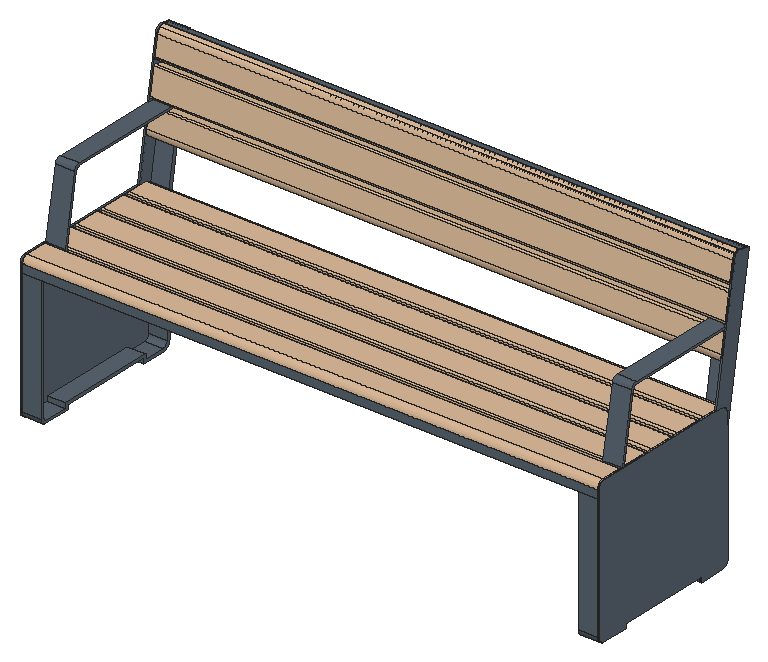
Revit family "product code 61105-S-L", category Meble, Revit 2021
Family settings
  Numer OmniClass = 23.40.20.00
  Tytuł OmniClass = General Furniture and Specialties
  Oparty na płaszczyźnie roboczej = Nie
  Zawsze pionowo = Tak
  Tnij formami wycięć po wczytaniu = Nie
  Współdzielony = Nie
  Punkt obliczania pomieszczeń = Nie
Parameters (values of type "61105-S-L")
  wood = Kobenhagen Wood - Larch
  metal = Kobenhagen RAL 5011
  Width = "58 cm"
  Weight = "70 kg"
  URL = "https://kobenhagen.com/en_US/p/Indre-By-4-person-Bench-wArmrest/205"
  Seat height = "45 cm"
  Product line = "Indre By"
  Product Groups = "Benches"
  Producent = "Lars Laj"
  Keynote = ""
  Opis = "Indre By 4-person Bench w/Armrest"
  Model = "61105-S-L"
  Material = "Larch, stainless steel, powder coated steel"
  Maintenance = "We recommend to examine and tighten all screws and bolt clamps after a few weeks’ use. In order to prevent cracks and to extend the life of the wood, it is recommended that the wood details should be oiled every 3-5 years."
  Lenght = "180 cm"
  Type Comments = ""
  Kobenhagen Materials = "larslaj.com/bim"
  Hosted on larslaj.com = "https://larslaj.com/bim"
  Height = "86 cm"
  Domyślna rzędna = 0 mm
  Copyright = "All designs and drawings are the intellectual property of Lars Laj A/S and are protected by Danish and international copyright laws."
Reference planes
  plane 1 "front": y = 0
  plane 2: z = 0
  plane 3 "Środek (Lewa/Prawa)": x = 0
  plane 4 "left": x = -895
  plane 5 "right": x = 895
  plane 6 "back": y = 575.242
  plane 7: x = -835
  plane 8: x = 835
  plane 9: x = -280.833
  plane 10: x = 285.833
  plane 11: z = 405.568
Forms (mm)
  Extrusion 1, solid, material "Kobenhagen Wood - Larch" <- "wood"
    sketch origin (0, -0.031, 21.46) x (0, 1, 0) y (0, 0, 1)
      loop
        arc (260.118, 430.04) -> (256.583, 428.576) -> (255.118, 425.04) r 5
        line (255.118, 425.04) -> (255.118, 388.972)
        arc (255.118, 388.972) -> (255.693, 387.586) -> (257.078, 387.012) r 1.96
        line (257.078, 387.012) -> (342.493, 387.012)
        arc (342.493, 387.012) -> (343.908, 387.598) -> (344.493, 389.012) r 2
        line (344.493, 389.012) -> (344.493, 425.04)
        arc (344.493, 425.04) -> (343.029, 428.576) -> (339.493, 430.04) r 5
        line (339.493, 430.04) -> (260.118, 430.04)
    from -895 to 895
  Extrusion 2, solid, material "Kobenhagen Wood - Larch" <- "wood"
    sketch origin (0, -102.48, 21.46) x (0, 1, 0) y (0, 0, 1)
      loop
        arc (260.118, 430.04) -> (256.583, 428.576) -> (255.118, 425.04) r 5
        line (255.118, 425.04) -> (255.118, 388.972)
        arc (255.118, 388.972) -> (255.693, 387.586) -> (257.078, 387.012) r 1.96
        line (257.078, 387.012) -> (342.493, 387.012)
        arc (342.493, 387.012) -> (343.908, 387.598) -> (344.493, 389.012) r 2
        line (344.493, 389.012) -> (344.493, 425.04)
        arc (344.493, 425.04) -> (343.029, 428.576) -> (339.493, 430.04) r 5
        line (339.493, 430.04) -> (260.118, 430.04)
    from -895 to 895
  Extrusion 3, solid, material "Kobenhagen Wood - Larch" <- "wood"
    sketch origin (0, 102.52, 23.25) x (0, 1, 0) y (0, 0, 1)
      loop
        arc (260.118, 428.25) -> (256.583, 426.786) -> (255.118, 423.25) r 5
        line (255.118, 423.25) -> (255.118, 387.182)
        arc (255.118, 387.182) -> (255.693, 385.796) -> (257.078, 385.222) r 1.96
        line (257.078, 385.222) -> (342.493, 385.222)
        arc (342.493, 385.222) -> (343.908, 385.808) -> (344.493, 387.222) r 2
        line (344.493, 387.222) -> (344.493, 423.25)
        arc (344.493, 423.25) -> (343.029, 426.786) -> (339.493, 428.25) r 5
        line (339.493, 428.25) -> (260.118, 428.25)
    from -895 to 895
  Extrusion 4, solid, material "Kobenhagen Wood - Larch" <- "wood"
    sketch origin (0, 943.724, 450.045) x (0, 0.173648, 0.984808) y (0, -0.984808, 0.173648)
      loop
        arc (260.118, 430.036) -> (256.583, 428.571) -> (255.118, 425.036) r 5
        line (255.118, 425.036) -> (255.118, 389.305)
        arc (255.118, 389.305) -> (255.693, 387.919) -> (257.078, 387.345) r 1.96
        line (257.078, 387.345) -> (341.456, 387.345) -> (341.809, 407.532) -> (343.944, 407.532)
        arc (343.944, 407.532) -> (337.53, 423.428) -> (321.714, 430.036) r 22.231
        line (321.714, 430.036) -> (260.118, 430.036)
    from -895 to 895
  Extrusion 5, solid, material "Kobenhagen Wood - Larch" <- "wood"
    sketch origin (0, 925.653, 348.398) x (0, 0.173648, 0.984808) y (0, -0.984808, 0.173648)
      loop
        arc (260.118, 429.703) -> (256.583, 428.239) -> (255.118, 424.703) r 5
        line (255.118, 424.703) -> (255.118, 388.972)
        arc (255.118, 388.972) -> (255.693, 387.586) -> (257.078, 387.012) r 1.96
        line (257.078, 387.012) -> (342.493, 387.012)
        arc (342.493, 387.012) -> (343.908, 387.598) -> (344.493, 389.012) r 2
        line (344.493, 389.012) -> (344.493, 424.703)
        arc (344.493, 424.703) -> (343.029, 428.239) -> (339.493, 429.703) r 5
        line (339.493, 429.703) -> (260.118, 429.703)
    from -895 to 895
  Extrusion 6, solid, material "Kobenhagen RAL 5011" <- "metal", not visible
    sketch origin (0, 0, 0) x (0, 1, 0) y (0, 0, 1)
      loop
        arc (71.187, 451.5) -> (57.045, 445.642) -> (51.187, 431.5) r 20
        line (51.187, 431.5) -> (51.187, 18.231)
        arc (51.187, 18.231) -> (56.527, 5.34) -> (69.418, 0) r 18.231
        line (69.418, 0) -> (153.638, 0) -> (153.638, 15) -> (448.638, 15) -> (448.638, 0) -> (527.023, 0)
        arc (527.023, 0) -> (542.307, 6.331) -> (548.638, 21.615) r 21.615
        line (548.638, 21.615) -> (548.638, 429.407)
        arc (548.638, 429.407) -> (542.168, 445.029) -> (526.545, 451.5) r 22.093
        line (526.545, 451.5) -> (71.187, 451.5)
    from 750.378 to 745
  Extrusion 7, solid, material "Kobenhagen RAL 5011" <- "metal", not visible
    sketch origin (0, 0, 0) x (0, 1, 0) y (0, 0, 1)
      loop
        line (548.638, 396.844) -> (629.375, 854.725) -> (601.836, 859.581)
        arc (601.836, 859.581) -> (585.224, 855.898) -> (576.082, 841.547) r 22.232
        line (576.082, 841.547) -> (507.306, 451.5) -> (526.545, 451.5)
        arc (526.545, 451.5) -> (542.168, 445.029) -> (548.638, 429.407) r 22.093
        line (548.638, 429.407) -> (548.638, 396.844)
    from 745 to 750.378
  Extrusion 8, solid, material "Kobenhagen RAL 5011" <- "metal"
    sketch origin (-150, 0, 0) x (0, -1, 0) y (0, 0, 1)
      loop
        line (-71.187, 451.5) -> (-526.545, 451.5)
        arc (-526.545, 451.5) -> (-542.168, 445.029) -> (-548.638, 429.407) r 22.093
        line (-548.638, 429.407) -> (-548.638, 21.615)
        arc (-548.638, 21.615) -> (-542.307, 6.331) -> (-527.023, 0) r 21.615
        line (-527.023, 0) -> (-448.638, 0) -> (-448.638, 15) -> (-153.638, 15) -> (-153.638, 0) -> (-69.418, 0)
        arc (-69.418, 0) -> (-56.527, 5.34) -> (-51.187, 18.231) r 18.231
        line (-51.187, 18.231) -> (-51.187, 431.5)
        arc (-51.187, 431.5) -> (-57.045, 445.642) -> (-71.187, 451.5) r 20
    from 750.378 to 745
  Extrusion 9, solid, material "Kobenhagen RAL 5011" <- "metal"
    sketch origin (-150, 0, 0) x (0, -1, 0) y (0, 0, 1)
      loop
        line (-548.638, 396.844) -> (-548.638, 429.407)
        arc (-548.638, 429.407) -> (-542.168, 445.029) -> (-526.545, 451.5) r 22.093
        line (-526.545, 451.5) -> (-507.306, 451.5) -> (-576.082, 841.547)
        arc (-576.082, 841.547) -> (-585.224, 855.898) -> (-601.836, 859.581) r 22.232
        line (-601.836, 859.581) -> (-629.375, 854.725) -> (-548.638, 396.844)
    from 745 to 750.378
  Extrusion 10, solid, material "Kobenhagen RAL 5011" <- "metal"
    sketch origin (0, 0, 0) x (0, 1, 0) y (0, 0, 1)
      loop
        line (548.638, 396.844) -> (629.375, 854.725) -> (621.989, 856.027) -> (543.073, 408.472) -> (51.187, 408.472) -> (51.187, 18.763)
        arc (51.187, 18.763) -> (56.683, 5.495) -> (69.95, 0) r 18.763
        line (69.95, 0) -> (153.638, 0) -> (153.638, 15) -> (448.638, 15) -> (448.638, 0) -> (525.342, 0)
        arc (525.342, 0) -> (541.815, 6.823) -> (548.638, 23.296) r 23.296
        line (548.638, 23.296) -> (548.638, 396.844)
      loop
        line (58.687, 400.262) -> (58.687, 18.763)
        arc (58.687, 18.763) -> (61.986, 10.799) -> (69.95, 7.5) r 11.263
        line (69.95, 7.5) -> (146.138, 7.5) -> (146.138, 22.5) -> (456.138, 22.5) -> (456.138, 7.5) -> (525.342, 7.5)
        arc (525.342, 7.5) -> (536.512, 12.127) -> (541.138, 23.296) r 15.796
        line (541.138, 23.296) -> (541.138, 400.262) -> (58.687, 400.262)
    from -895 to -835
  Extrusion 11, solid, material "Kobenhagen RAL 5011" <- "metal"
    sketch origin (0, 0, 0) x (0, 1, 0) y (0, 0, -1)
      loop
        line (548.638, -396.844) -> (548.638, -23.296)
        arc (548.638, -23.296) -> (541.815, -6.823) -> (525.342, 0) r 23.296
        line (525.342, 0) -> (448.638, 0) -> (448.638, -15) -> (153.638, -15) -> (153.638, 0) -> (69.95, 0)
        arc (69.95, 0) -> (56.683, -5.495) -> (51.187, -18.763) r 18.763
        line (51.187, -18.763) -> (51.187, -408.472) -> (543.073, -408.472) -> (621.989, -856.027) -> (629.375, -854.725) -> (548.638, -396.844)
      loop
        line (58.687, -400.262) -> (541.138, -400.262) -> (541.138, -23.296)
        arc (541.138, -23.296) -> (536.512, -12.127) -> (525.342, -7.5) r 15.796
        line (525.342, -7.5) -> (456.138, -7.5) -> (456.138, -22.5) -> (146.138, -22.5) -> (146.138, -7.5) -> (69.95, -7.5)
        arc (69.95, -7.5) -> (61.986, -10.799) -> (58.687, -18.763) r 11.263
        line (58.687, -18.763) -> (58.687, -400.262)
    from -895 to -835
  Extrusion 12, solid, material "Kobenhagen RAL 5011" <- "metal"
    sketch origin (0, 0, -4.153) x (0, 1, 0) y (0, 0, -1)
      loop
        line (576.581, -588.288) -> (574.307, -588.689) -> (618.839, -841.241) -> (621.113, -840.84) -> (576.581, -588.288)
      loop
        line (527.869, -412.623) -> (527.869, -409.721) -> (72.033, -409.721) -> (72.033, -412.623) -> (527.869, -412.623)
    from -255.616 to -315.616
  Extrusion 13, solid, material "Kobenhagen RAL 5011" <- "metal"
    sketch origin (150, 0, 0) x (0, 1, 0) y (0, 0, 1)
      loop
        arc (71.187, 451.5) -> (57.045, 445.642) -> (51.187, 431.5) r 20
        line (51.187, 431.5) -> (51.187, 18.231)
        arc (51.187, 18.231) -> (56.527, 5.34) -> (69.418, 0) r 18.231
        line (69.418, 0) -> (153.638, 0) -> (153.638, 15) -> (448.638, 15) -> (448.638, 0) -> (527.023, 0)
        arc (527.023, 0) -> (542.307, 6.331) -> (548.638, 21.615) r 21.615
        line (548.638, 21.615) -> (548.638, 429.407)
        arc (548.638, 429.407) -> (542.168, 445.029) -> (526.545, 451.5) r 22.093
        line (526.545, 451.5) -> (71.187, 451.5)
    from 750.378 to 745
  Extrusion 14, solid, material "Kobenhagen RAL 5011" <- "metal"
    sketch origin (150, 0, 0) x (0, 1, 0) y (0, 0, 1)
      loop
        line (548.638, 396.844) -> (629.375, 854.725) -> (601.836, 859.581)
        arc (601.836, 859.581) -> (585.224, 855.898) -> (576.082, 841.547) r 22.232
        line (576.082, 841.547) -> (507.306, 451.5) -> (526.545, 451.5)
        arc (526.545, 451.5) -> (542.168, 445.029) -> (548.638, 429.407) r 22.093
        line (548.638, 429.407) -> (548.638, 396.844)
    from 745 to 750.378
  Extrusion 15, solid, material "Kobenhagen RAL 5011" <- "metal"
    sketch origin (-600, 0, 0) x (0, 1, 0) y (0, 0, -1)
      loop
        line (201.286, -666.675) -> (591.375, -666.675) -> (590.359, -660.675) -> (201.286, -660.675)
        arc (201.286, -660.675) -> (192.655, -657.664) -> (187.77, -649.936) r 13.876
        line (187.77, -649.936) -> (151.888, -450) -> (151.796, -407) -> (145.796, -407) -> (145.796, -450) -> (181.888, -651.132)
        arc (181.888, -651.132) -> (188.672, -662.542) -> (201.286, -666.675) r 18.898
    from 235.625 to 295.625
  Extrusion 16, solid, material "Kobenhagen RAL 5011" <- "metal"
    sketch origin (600, 0, 0) x (0, 1, 0) y (0, 0, 1)
      loop
        arc (201.286, 666.675) -> (188.672, 662.542) -> (181.888, 651.132) r 18.898
        line (181.888, 651.132) -> (145.796, 450) -> (145.796, 407) -> (151.796, 407) -> (151.888, 450) -> (187.77, 649.936)
        arc (187.77, 649.936) -> (192.655, 657.664) -> (201.286, 660.675) r 13.876
        line (201.286, 660.675) -> (590.359, 660.675) -> (591.375, 666.675) -> (201.286, 666.675)
    from 235.625 to 295.625
  Extrusion 17, solid, material "Kobenhagen Wood - Larch" <- "wood"
    sketch origin (0, 944.488, 450.521) x (0, 0.173648, 0.984808) y (0, -0.984808, 0.173648)
      loop
        arc (260.118, 430.036) -> (256.583, 428.571) -> (255.118, 425.036) r 5
        line (255.118, 425.036) -> (255.118, 389.305)
        arc (255.118, 389.305) -> (255.693, 387.919) -> (257.078, 387.345) r 1.96
        line (257.078, 387.345) -> (340.844, 387.345) -> (341.15, 404.888) -> (343.753, 404.888)
        arc (343.753, 404.888) -> (338.433, 422.457) -> (321.714, 430.036) r 22.231
        line (321.714, 430.036) -> (260.118, 430.036)
    from -895 to 895
  Extrusion 18, solid, material "Kobenhagen RAL 5011" <- "metal"
    sketch origin (0, 0.765, 0.475) x (0, 1, 0) y (0, 0, 1)
      loop
        line (624.002, 855.496) -> (601.449, 859.653) -> (600.947, 856.808) -> (620.801, 853.149) -> (617.879, 836.578) -> (620.428, 836.108) -> (624.002, 855.496)
    from -895 to 895
  Extrusion 19, solid, material "Kobenhagen Wood - Larch" <- "wood"
    sketch origin (0, 1012.231, 836.612) x (0, -0.173648, -0.984808) y (0, 0.984808, -0.173648)
      loop
        line (260.118, -430.036) -> (321.714, -430.036)
        arc (321.714, -430.036) -> (338.433, -422.457) -> (343.753, -404.888) r 22.231
        line (343.753, -404.888) -> (341.15, -404.888) -> (340.85, -387.684) -> (257.078, -387.684)
        arc (257.078, -387.684) -> (255.693, -388.258) -> (255.118, -389.644) r 1.96
        line (255.118, -389.644) -> (255.118, -425.036)
        arc (255.118, -425.036) -> (256.583, -428.571) -> (260.118, -430.036) r 5
    from -895 to 895
  Extrusion 20, solid, material "Kobenhagen RAL 5011" <- "metal"
    sketch origin (0, 280.641, 1582.697) x (0, 0.93912, -0.34359) y (0, 0.34359, 0.93912)
      loop
        line (624.597, -855.386) -> (621.023, -835.998) -> (618.538, -836.456) -> (621.46, -853.027) -> (604.207, -856.208) -> (604.709, -859.052) -> (624.597, -855.386)
    from -895 to 895
  Extrusion 21, solid, material "Kobenhagen Wood - Larch" <- "wood"
    sketch origin (0, -204.495, 22.143) x (0, 1, 0) y (0, 0, 1)
      loop
        arc (275.801, 429.357) -> (261.616, 423.481) -> (255.74, 409.296) r 20.061
        line (255.74, 409.296) -> (255.74, 407.796) -> (259.646, 407.796) -> (259.646, 387.372) -> (277.569, 387.372) -> (277.569, 386.329) -> (343.118, 386.329)
        arc (343.118, 386.329) -> (344.532, 386.915) -> (345.117, 388.328) r 1.999
        line (345.117, 388.328) -> (345.117, 424.359)
        arc (345.117, 424.359) -> (343.653, 427.893) -> (340.119, 429.357) r 4.998
        line (340.119, 429.357) -> (275.801, 429.357)
    from -895 to 895
  Extrusion 22, solid, material "Kobenhagen RAL 5011" <- "metal"
    sketch origin (0, 511.69, 1359.688) x (0, -0.983564, -0.180562) y (0, 0.180562, -0.983564)
      loop
        line (625.221, 855.287) -> (604.709, 859.052) -> (604.185, 856.198) -> (621.585, 853.004) -> (617.709, 831.889) -> (620.802, 831.319) -> (625.221, 855.287)
    from -895 to 895
  Extrusion 23, solid, material "Kobenhagen Wood - Larch" <- "wood"
    sketch origin (0, 804.377, 20.892) x (0, -1, 0) y (0, 0, -1)
      loop
        line (275.801, -430.608) -> (340.119, -430.608)
        arc (340.119, -430.608) -> (343.653, -429.145) -> (345.117, -425.611) r 4.998
        line (345.117, -425.611) -> (345.117, -389.58)
        arc (345.117, -389.58) -> (344.532, -388.166) -> (343.118, -387.58) r 1.999
        line (343.118, -387.58) -> (277.569, -387.58) -> (277.569, -388.734) -> (258.947, -388.734) -> (258.947, -407.796) -> (255.74, -407.796) -> (255.74, -410.547)
        arc (255.74, -410.547) -> (261.616, -424.733) -> (275.801, -430.608) r 20.061
    from -895 to 895
  Extrusion 24, solid, material "Kobenhagen RAL 5011" <- "metal"
    sketch origin (0, 88.191, 1359.673) x (0, 0.983564, -0.180562) y (0, 0.180562, 0.983564)
      loop
        line (625.163, -855.282) -> (620.971, -832.545) -> (617.947, -833.102) -> (621.462, -853.04) -> (604.207, -856.208) -> (604.726, -859.034) -> (625.163, -855.282)
    from -895 to 895
  Extrusion 25, solid, material "Kobenhagen RAL 5011" <- "metal"
    sketch origin (0, 0, -4.153) x (0, 1, 0) y (0, 0, 1)
      loop
        line (576.581, 588.288) -> (621.113, 840.84) -> (618.839, 841.241) -> (574.307, 588.689) -> (576.581, 588.288)
      loop
        line (527.869, 412.623) -> (72.033, 412.623) -> (72.033, 409.721) -> (527.869, 409.721) -> (527.869, 412.623)
    from -255.616 to -315.616
Lines and regions (mm)
  model lines, style "9"
    curve 1: line (-895, -744.003, 0) -> (-895, -750.003, 0)
    curve 2: line (-895, -444.003, 0) -> (-895, -438.003, 0)
Dimensions and locks
  Extrusion 1 sketch curve to Extrusion 1 sketch curve = 89.375 mm
  Extrusion 1 sketch curve to Extrusion 1 sketch curve = 43.028 mm
  Extrusion 2 sketch curve to Extrusion 2 sketch curve = 89.375 mm
  Extrusion 2 sketch curve to Extrusion 2 sketch curve = 43.028 mm
  Extrusion 3 sketch curve to Extrusion 3 sketch curve = 89.375 mm
  Extrusion 3 sketch curve to Extrusion 3 sketch curve = 43.028 mm
  Extrusion 4 sketch curve to Extrusion 4 sketch curve = 42.691 mm
  Extrusion 5 sketch curve to Extrusion 5 sketch curve = 89.375 mm
  Extrusion 5 sketch curve to Extrusion 5 sketch curve = 42.691 mm
  Extrusion 17 sketch curve to Extrusion 17 sketch curve = 42.691 mm
  Extrusion 19 sketch curve to Extrusion 19 sketch curve = 42.351 mm
  Extrusion 21 sketch curve to Extrusion 21 sketch curve = 43.028 mm
  Extrusion 23 sketch curve to Extrusion 23 sketch curve = 43.028 mm
  aligned and locked: level to plane 2
  aligned and locked: plane 5 "right" to Extrusion 1
  aligned and locked: Extrusion 1 to plane 4 "left"
  aligned and locked: plane 5 "right" to Extrusion 3
  aligned and locked: plane 5 "right" to Extrusion 2
  aligned and locked: plane 5 "right" to Extrusion 4
  aligned and locked: plane 5 "right" to Extrusion 5
  aligned and locked: Extrusion 4 to plane 4 "left"
  aligned and locked: Extrusion 5 to plane 4 "left"
  aligned and locked: Extrusion 3 to plane 4 "left"
  aligned and locked: Extrusion 2 to plane 4 "left"
  aligned and locked: Extrusion 8 to Extrusion 9
  aligned and locked: plane 4 "left" to Extrusion 8
  aligned and locked: Extrusion 10 to plane 4 "left"
  aligned and locked: plane 7 to Extrusion 10
  aligned and locked: plane 8 to Extrusion 11
  aligned and locked: plane 5 "right" to Extrusion 11
  aligned and locked: Extrusion 13 to Extrusion 14
